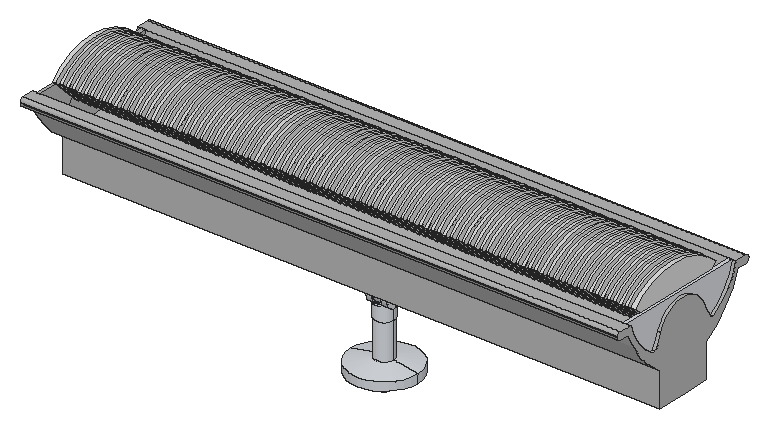
Revit family "AKTQ24T", category Lighting Fixtures, host Face, Revit 2012
Parameters (values of type "AKTQ24T")
  Wattage Comments = "24W"
  Wattage = 24 W
  built-in parameter 1150110 = 1 (stored number, unit not read)
  built-in parameter 1114217 = 1 (stored number, unit not read)
  Tilt Angle = -90.00°
  built-in parameter 1150109 = 1 (stored number, unit not read)
  built-in parameter 1150134 = 3
  built-in parameter 1150113 = 1 (stored number, unit not read)
  Photometric Web File = "generic"
  Pendant Length = 2"
  built-in parameter 1150142 = (empty or 0)
  built-in parameter 1150105 = 283.69 (stored number, unit not read)
  Lumens = 3565.01 lm
  built-in parameter 1150115 = 1 (stored number, unit not read)
  built-in parameter 1150137 = (empty or 0)
  built-in parameter 1150139 = (empty or 0)
  built-in parameter 1150112 = 1 (stored number, unit not read)
  built-in parameter 1150114 = 1 (stored number, unit not read)
  built-in parameter 1150132 = (empty or 0)
  built-in parameter 1150102 = (empty or 0)
  built-in parameter 1150107 = 3200 (stored number, unit not read)
  built-in parameter 1150138 = (empty or 0)
  built-in parameter 1150106 = 2.8369 (stored number, unit not read)
  Finish = Honeycomb embossed Aluminium
  URL = "http://www.prescolite.com"
  Product Page URL = "http://www.prescolite.com/products/architectural_quest/"
  Product Documentation Link = "http://www.prescolite.com/content/products/specs/specs_files/atrk_006.pdf"
  Model = "AKTQ24T"  # constant formula
  Manufacturer Phone = "864-678-1000"  # constant formula
  Manufacturer Fax = "864-678-1065"  # constant formula
  Manufacturer = "Prescolite"  # constant formula
  Lamp = "T-5 HO"
  Family = "Quest 24\" Wall Wash"
  Emit from Line Length = 20"
  built-in parameter 1150104 = 13.8 (stored number, unit not read)
  Dimming Lamp Color Temperature Shift = <None>
  Description = "Two 24W Linear T-5 HO Lamps"  # constant formula
  Default Elevation = 48"
  Color Filter = 16777215
  Blades = Steel Grey powder coated galvanized steel
  built-in parameter 1114218 = 1 (stored number, unit not read)
  built-in parameter 1150133 = 10 (stored number, unit not read)
Reference planes (in)
  plane 1 "Center (Front/Back)": y = 0
  plane 2: z = 0
  plane 3 "Center (Left/Right)": x = 0.0375
  plane 4: z = 0
  plane 5: x = -12.32187
  plane 6: x = 12.39688
  plane 7: z = 8.12857
  plane 8: z = 2
  plane 9: y = 3.375
  plane 10: y = -3.375
Forms (in)
  Revolve 1, solid
    sketch origin (0, 0, 0) x (1, 0, 0) y (0, 0, 1)
      loop
        line (0.0375, 0.53305) -> (-0.34393, 0.53305) -> (-1.34356, 0.33874) -> (-1.34356, 0) -> (-0.29984, 0) -> (-0.29984, -0.14653) -> (-0.22489, -0.14653) -> (-0.22489, -0.64653) -> (0.0375, -0.64653) -> (0.0375, 0.53305)
      axis (0.0375, 0.53305) -> (0.0375, -0.64653)
    angle from 0 to 360
  Extrusion 2, solid
    sketch origin (0, 0, 0) x (1, 0, 0) y (0, 1, 0)
      loop
        circle (0.0375, 0) r 0.38143
    from 0.53305 to 2
Dimensions and locks (in)
  "Pendant Length": plane 4 to plane 8
  locked: plane 9 to plane 1 "Center (Front/Back)" at 3.375
  locked: plane 9 to plane 10 at 6.75
  locked: plane 7 to plane 8 at 6.12857
  plane 5 to plane 3 "Center (Left/Right)" to plane 6 = 12 23/64" locked, 12 23/64" locked
  aligned and locked: plane 2 to host face
  aligned and locked: level to host face
  aligned and locked: plane 3 "Center (Left/Right)" to Revolve 1 sketch curve  (x2)
  aligned and locked: Revolve 1 sketch curve to level
  aligned and locked: Revolve 1 sketch curve to plane 3 "Center (Left/Right)"
  aligned: Extrusion 2 sketch curve to Revolve 1
  aligned and locked: Extrusion 2 sketch curve to Revolve 1
  aligned and locked: Extrusion 2 to Revolve 1
  aligned and locked: plane 8 to Extrusion 2
  aligned and locked: plane 3 "Center (Left/Right)" to nested 1
  aligned and locked: plane 1 "Center (Front/Back)" to nested 1
  aligned and locked: plane 7 to imposter light
  aligned and locked: imposter light to plane 3 "Center (Left/Right)"
  aligned and locked: imposter light to plane 1 "Center (Front/Back)"
Automatic sketch dimensions
  host sketch curve to host sketch curve = 96"  (x2)
  Revolve 1 sketch curve to Revolve 1 sketch curve = 0.26239"
  Revolve 1 sketch curve to Revolve 1 sketch curve = 0.07495"
  Revolve 1 sketch curve to Revolve 1 sketch curve = 0.38143"
  Revolve 1 sketch curve to Revolve 1 sketch curve = 1.04372"
  Revolve 1 sketch curve to level = 0.14653"
  Revolve 1 sketch curve to Revolve 1 sketch curve = 1/2"
  Revolve 1 sketch curve to Revolve 1 sketch curve = 1/4"
  Revolve 1 sketch curve to Revolve 1 sketch curve = 0.60006"
  Revolve 1 sketch curve to Revolve 1 sketch curve = 0.33874"
  level to Revolve 1 sketch curve = 0.53305"
Nested families (in)
  nested 1: "AKTQ24T Light" at (0, 0, 2), type "AKTQ24T"
Definition of nested family "AKTQ24T Light"
  Parameters (values of type "AKTQ24T")
    Wattage Comments = "24W"
    Finish = Honeycomb embossed Aluminium
    URL = "http://www.prescolite.com"
    Product Page URL = "http://www.prescolite.com/products/architectural_quest/"
    Product Documentation Link = "http://www.prescolite.com/content/products/specs/specs_files/atrk_006.pdf"
    Model = "AKTQ24T"  # constant formula
    Manufacturer Phone = "864-678-1000"  # constant formula
    Manufacturer Fax = "864-678-1065"  # constant formula
    Manufacturer = "Prescolite"  # constant formula
    Lamp = "2"
    Family = "Quest 24\" Wall Wash"
    Description = "Two 24W Linear T-5 HO Lamps"  # constant formula
    Default Elevation = 48"
    Blades = Steel Grey powder coated galvanized steel
  Reference planes (in)
    plane 1 "Center (Front/Back)": y = 0
    plane 2: z = 0
    plane 3 "Center (Left/Right)": x = 0.0375
    plane 4: z = 0
    plane 5: z = 5.20093
    plane 6: z = 1.45093
    plane 7: y = 3.375
    plane 8: y = -3.375
    plane 9: x = -11.87187
    plane 10: x = -11.87187
  Forms (in)
    Extrusion 1, solid
      sketch origin (0, 0, 0) x (1, 0, 0) y (0, 1, 0)
        loop
          line (-48, 48) -> (-48, -48) -> (48, -48) -> (48, 48) -> (-48, 48)
      from 0 to -1.25
    Extrusion 2, solid, material "Honeycomb embossed Aluminium" <- "Finish"
      sketch origin (0.0375, 0, -1.76782) x (0, -1, 0) y (0, 0, 1)
        loop
          arc (-3.23437, 6.96875) -> (-3.33381, 6.92756) -> (-3.375, 6.82812) r 0.14063
          line (-3.375, 6.82812) -> (-3.375, 6.79576)
          arc (-3.375, 6.79576) -> (-3.33338, 6.69528) -> (-3.23291, 6.65367) r 0.14209
          line (-3.23291, 6.65367) -> (-2.8552, 6.65367)
          arc (-2.8552, 6.65367) -> (-2.1828, 5.50867) -> (-1.1882, 4.62895) r 4.22464
          line (-1.1882, 4.62895) -> (-1.1882, 3.21875) -> (0, 3.21875) -> (1.1882, 3.21875) -> (1.1882, 4.62895)
          arc (1.1882, 4.62895) -> (2.1828, 5.50867) -> (2.8552, 6.65367) r 4.22464
          line (2.8552, 6.65367) -> (3.23291, 6.65367)
          arc (3.23291, 6.65367) -> (3.33338, 6.69528) -> (3.375, 6.79576) r 0.14209
          line (3.375, 6.79576) -> (3.375, 6.82812)
          arc (3.375, 6.82812) -> (3.33381, 6.92756) -> (3.23437, 6.96875) r 0.14063
          line (3.23437, 6.96875) -> (2.71711, 6.96875)
          arc (2.71711, 6.96875) -> (2.29639, 6.08704) -> (1.56645, 5.43774) r 2.46735
          arc (1.56645, 5.43774) -> (1.49174, 5.4251) -> (1.42725, 5.46489) r 0.1075
          arc (1.42725, 5.46489) -> (1.26638, 5.72572) -> (1.14377, 6.00658) r 2.17442
          arc (1.14377, 6.00658) -> (0.00603, 6.81002) -> (-1.13172, 6.00658) r 1.2073
          arc (-1.13172, 6.00658) -> (-1.258, 5.72401) -> (-1.42725, 5.46489) r 1.95646
          arc (-1.42725, 5.46489) -> (-1.49174, 5.4251) -> (-1.56645, 5.43774) r 0.1075
          arc (-1.56645, 5.43774) -> (-2.29639, 6.08704) -> (-2.71711, 6.96875) r 2.46735
          line (-2.71711, 6.96875) -> (-3.23437, 6.96875)
      from -12.35937 to 12.35937
    Extrusion 3, solid, material "Honeycomb embossed Aluminium" <- "Finish"
      sketch origin (0.0375, 0, 0) x (0, -1, 0) y (0, 0, 1)
        loop
          arc (-1.56645, 3.66992) -> (-1.49174, 3.65729) -> (-1.42725, 3.69707) r 0.1075
          arc (-1.42725, 3.69707) -> (-1.258, 3.95619) -> (-1.13172, 4.23876) r 1.95646
          arc (-1.13172, 4.23876) -> (0.00603, 5.04221) -> (1.14377, 4.23876) r 1.2073
          arc (1.14377, 4.23876) -> (1.26638, 3.9579) -> (1.42725, 3.69707) r 2.17442
          arc (1.42725, 3.69707) -> (1.49174, 3.65729) -> (1.56645, 3.66992) r 0.1075
          arc (1.56645, 3.66992) -> (2.29639, 4.31923) -> (2.71711, 5.20093) r 2.46735
          line (2.71711, 5.20093) -> (-2.71711, 5.20093)
          arc (-2.71711, 5.20093) -> (-2.29639, 4.31923) -> (-1.56645, 3.66992) r 2.46735
      from 12.05937 to 12.20937
    Extrusion 4, solid
      sketch origin (0.0375, 0, -1.76782) x (0, -1, 0) y (0, 0, -1)
        loop
          arc (-1.56645, -5.43774) -> (-2.29639, -6.08704) -> (-2.71711, -6.96875) r 2.46735
          line (-2.71711, -6.96875) -> (2.71711, -6.96875)
          arc (2.71711, -6.96875) -> (2.29639, -6.08704) -> (1.56645, -5.43774) r 2.46735
          arc (1.56645, -5.43774) -> (1.49174, -5.4251) -> (1.42725, -5.46489) r 0.1075
          arc (1.42725, -5.46489) -> (1.26638, -5.72572) -> (1.14377, -6.00658) r 2.17442
          arc (1.14377, -6.00658) -> (0.00603, -6.81002) -> (-1.13172, -6.00658) r 1.2073
          arc (-1.13172, -6.00658) -> (-1.258, -5.72401) -> (-1.42725, -5.46489) r 1.95646
          arc (-1.42725, -5.46489) -> (-1.49174, -5.4251) -> (-1.56645, -5.43774) r 0.1075
      from 12.05937 to 12.20937
    Extrusion 5, void
      sketch origin (0.0375, 0, -1.76782) x (0, -1, 0) y (0, 0, 1)
        loop
          arc (-1.56645, 5.43774) -> (0, 5.01043) -> (1.56645, 5.43774) r 3.08486
          arc (1.56645, 5.43774) -> (1.49174, 5.4251) -> (1.42725, 5.46489) r 0.1075
          arc (1.42725, 5.46489) -> (1.26638, 5.72572) -> (1.14377, 6.00658) r 2.17442
          arc (1.14377, 6.00658) -> (0.00603, 6.81002) -> (-1.13172, 6.00658) r 1.2073
          arc (-1.13172, 6.00658) -> (-1.258, 5.72401) -> (-1.42725, 5.46489) r 1.95646
          arc (-1.42725, 5.46489) -> (-1.49174, 5.4251) -> (-1.56645, 5.43774) r 0.1075
      from -12.05937 to 12.05937
    Extrusion 6, solid, material "Steel Grey powder coated galvanized steel" <- "Blades"
      sketch origin (0.0375, 0, -1.76782) x (0, -1, 0) y (0, 0, 1)
        loop
          line (-2.07709, 7.15026) -> (-0.89557, 5.96875) -> (0.89557, 5.96875) -> (2.07709, 7.15026)
          arc (2.07709, 7.15026) -> (0, 8) -> (-2.07709, 7.15026) r 2.96347
      from -12.05937 to 12.05938
    Extrusion 7, void
      sketch origin (0, 0, 0) x (1, 0, 0) y (0, 1, 0)
        loop
          line (-11.87187, 2.07709) -> (-11.87187, -2.07709) -> (-11.72187, -2.07709) -> (-11.72187, 2.07709) -> (-11.87187, 2.07709)
        loop
          line (-11.62187, 2.07709) -> (-11.62187, -2.07709) -> (-11.47187, -2.07709) -> (-11.47187, 2.07709) -> (-11.62187, 2.07709)
        loop
          line (-11.37187, 2.07709) -> (-11.37187, -2.07709) -> (-11.22187, -2.07709) -> (-11.22187, 2.07709) -> (-11.37187, 2.07709)
        loop
          line (-11.12187, 2.07709) -> (-11.12187, -2.07709) -> (-10.97187, -2.07709) -> (-10.97187, 2.07709) -> (-11.12187, 2.07709)
        loop
          line (-10.87187, 2.07709) -> (-10.87187, -2.07709) -> (-10.72187, -2.07709) -> (-10.72187, 2.07709) -> (-10.87187, 2.07709)
        loop
          line (-10.62187, 2.07709) -> (-10.62187, -2.07709) -> (-10.47187, -2.07709) -> (-10.47187, 2.07709) -> (-10.62187, 2.07709)
        loop
          line (-10.37187, 2.07709) -> (-10.37187, -2.07709) -> (-10.22187, -2.07709) -> (-10.22187, 2.07709) -> (-10.37187, 2.07709)
        loop
          line (-10.12187, 2.07709) -> (-10.12187, -2.07709) -> (-9.97187, -2.07709) -> (-9.97187, 2.07709) -> (-10.12187, 2.07709)
        loop
          line (-9.87187, 2.07709) -> (-9.87187, -2.07709) -> (-9.72187, -2.07709) -> (-9.72187, 2.07709) -> (-9.87187, 2.07709)
        loop
          line (-9.62187, 2.07709) -> (-9.62187, -2.07709) -> (-9.47187, -2.07709) -> (-9.47187, 2.07709) -> (-9.62187, 2.07709)
        loop
          line (-9.37187, 2.07709) -> (-9.37187, -2.07709) -> (-9.22187, -2.07709) -> (-9.22187, 2.07709) -> (-9.37187, 2.07709)
        loop
          line (-9.12187, 2.07709) -> (-9.12187, -2.07709) -> (-8.97187, -2.07709) -> (-8.97187, 2.07709) -> (-9.12187, 2.07709)
        loop
          line (-8.87187, 2.07709) -> (-8.87187, -2.07709) -> (-8.72187, -2.07709) -> (-8.72187, 2.07709) -> (-8.87187, 2.07709)
        loop
          line (-8.62187, 2.07709) -> (-8.62187, -2.07709) -> (-8.47187, -2.07709) -> (-8.47187, 2.07709) -> (-8.62187, 2.07709)
        loop
          line (-8.37187, 2.07709) -> (-8.37187, -2.07709) -> (-8.22187, -2.07709) -> (-8.22187, 2.07709) -> (-8.37187, 2.07709)
        loop
          line (-8.12187, 2.07709) -> (-8.12187, -2.07709) -> (-7.97187, -2.07709) -> (-7.97187, 2.07709) -> (-8.12187, 2.07709)
        loop
          line (-7.84734, 2.07709) -> (-7.84734, -2.07709) -> (-7.69734, -2.07709) -> (-7.69734, 2.07709) -> (-7.84734, 2.07709)
        loop
          line (-7.59734, 2.07709) -> (-7.59734, -2.07709) -> (-7.44734, -2.07709) -> (-7.44734, 2.07709) -> (-7.59734, 2.07709)
        loop
          line (-7.34734, 2.07709) -> (-7.34734, -2.07709) -> (-7.19734, -2.07709) -> (-7.19734, 2.07709) -> (-7.34734, 2.07709)
        loop
          line (-7.09734, 2.07709) -> (-7.09734, -2.07709) -> (-6.94734, -2.07709) -> (-6.94734, 2.07709) -> (-7.09734, 2.07709)
        loop
          line (-6.84734, 2.07709) -> (-6.84734, -2.07709) -> (-6.69734, -2.07709) -> (-6.69734, 2.07709) -> (-6.84734, 2.07709)
        loop
          line (-6.59734, 2.07709) -> (-6.59734, -2.07709) -> (-6.44734, -2.07709) -> (-6.44734, 2.07709) -> (-6.59734, 2.07709)
        loop
          line (-6.34734, 2.07709) -> (-6.34734, -2.07709) -> (-6.19734, -2.07709) -> (-6.19734, 2.07709) -> (-6.34734, 2.07709)
        loop
          line (-6.09734, 2.07709) -> (-6.09734, -2.07709) -> (-5.94734, -2.07709) -> (-5.94734, 2.07709) -> (-6.09734, 2.07709)
        loop
          line (-5.84734, 2.07709) -> (-5.84734, -2.07709) -> (-5.69734, -2.07709) -> (-5.69734, 2.07709) -> (-5.84734, 2.07709)
        loop
          line (-5.59734, 2.07709) -> (-5.59734, -2.07709) -> (-5.44734, -2.07709) -> (-5.44734, 2.07709) -> (-5.59734, 2.07709)
        loop
          line (-5.34734, 2.07709) -> (-5.34734, -2.07709) -> (-5.19734, -2.07709) -> (-5.19734, 2.07709) -> (-5.34734, 2.07709)
        loop
          line (-5.09734, 2.07709) -> (-5.09734, -2.07709) -> (-4.94734, -2.07709) -> (-4.94734, 2.07709) -> (-5.09734, 2.07709)
        loop
          line (-4.84734, 2.07709) -> (-4.84734, -2.07709) -> (-4.69734, -2.07709) -> (-4.69734, 2.07709) -> (-4.84734, 2.07709)
        loop
          line (-4.59734, 2.07709) -> (-4.59734, -2.07709) -> (-4.44734, -2.07709) -> (-4.44734, 2.07709) -> (-4.59734, 2.07709)
        loop
          line (-4.34734, 2.07709) -> (-4.34734, -2.07709) -> (-4.19734, -2.07709) -> (-4.19734, 2.07709) -> (-4.34734, 2.07709)
        loop
          line (-4.09734, 2.07709) -> (-4.09734, -2.07709) -> (-3.94734, -2.07709) -> (-3.94734, 2.07709) -> (-4.09734, 2.07709)
        loop
          line (-3.84556, 2.07709) -> (-3.84556, -2.07709) -> (-3.69556, -2.07709) -> (-3.69556, 2.07709) -> (-3.84556, 2.07709)
        loop
          line (-3.56049, 2.07709) -> (-3.56049, -2.07709) -> (-3.41049, -2.07709) -> (-3.41049, 2.07709) -> (-3.56049, 2.07709)
        loop
          line (-3.29414, 2.07709) -> (-3.29414, -2.07709) -> (-3.14414, -2.07709) -> (-3.14414, 2.07709) -> (-3.29414, 2.07709)
        loop
          line (-3.04414, 2.07709) -> (-3.04414, -2.07709) -> (-2.89414, -2.07709) -> (-2.89414, 2.07709) -> (-3.04414, 2.07709)
        loop
          line (-2.79414, 2.07709) -> (-2.79414, -2.07709) -> (-2.64414, -2.07709) -> (-2.64414, 2.07709) -> (-2.79414, 2.07709)
        loop
          line (-2.54414, 2.07709) -> (-2.54414, -2.07709) -> (-2.39414, -2.07709) -> (-2.39414, 2.07709) -> (-2.54414, 2.07709)
        loop
          line (-2.29414, 2.07709) -> (-2.29414, -2.07709) -> (-2.14414, -2.07709) -> (-2.14414, 2.07709) -> (-2.29414, 2.07709)
        loop
          line (-2.04414, 2.07709) -> (-2.04414, -2.07709) -> (-1.89414, -2.07709) -> (-1.89414, 2.07709) -> (-2.04414, 2.07709)
        loop
          line (-1.79414, 2.07709) -> (-1.79414, -2.07709) -> (-1.64414, -2.07709) -> (-1.64414, 2.07709) -> (-1.79414, 2.07709)
        loop
          line (-1.54414, 2.07709) -> (-1.54414, -2.07709) -> (-1.39414, -2.07709) -> (-1.39414, 2.07709) -> (-1.54414, 2.07709)
        loop
          line (-1.29414, 2.07709) -> (-1.29414, -2.07709) -> (-1.14414, -2.07709) -> (-1.14414, 2.07709) -> (-1.29414, 2.07709)
        loop
          line (-1.04414, 2.07709) -> (-1.04414, -2.07709) -> (-0.89414, -2.07709) -> (-0.89414, 2.07709) -> (-1.04414, 2.07709)
        loop
          line (-0.79414, 2.07709) -> (-0.79414, -2.07709) -> (-0.64414, -2.07709) -> (-0.64414, 2.07709) -> (-0.79414, 2.07709)
        loop
          line (-0.54414, 2.07709) -> (-0.54414, -2.07709) -> (-0.39414, -2.07709) -> (-0.39414, 2.07709) -> (-0.54414, 2.07709)
        loop
          line (-0.29414, 2.07709) -> (-0.29414, -2.07709) -> (-0.14414, -2.07709) -> (-0.14414, 2.07709) -> (-0.29414, 2.07709)
        loop
          line (-0.04414, 2.07709) -> (-0.04414, -2.07709) -> (0.10586, -2.07709) -> (0.10586, 2.07709) -> (-0.04414, 2.07709)
        loop
          line (0.2304, 2.07709) -> (0.2304, -2.07709) -> (0.3804, -2.07709) -> (0.3804, 2.07709) -> (0.2304, 2.07709)
        loop
          line (0.4804, 2.07709) -> (0.4804, -2.07709) -> (0.6304, -2.07709) -> (0.6304, 2.07709) -> (0.4804, 2.07709)
        loop
          line (0.7304, 2.07709) -> (0.7304, -2.07709) -> (0.8804, -2.07709) -> (0.8804, 2.07709) -> (0.7304, 2.07709)
        loop
          line (0.9804, 2.07709) -> (0.9804, -2.07709) -> (1.1304, -2.07709) -> (1.1304, 2.07709) -> (0.9804, 2.07709)
        loop
          line (1.2304, 2.07709) -> (1.2304, -2.07709) -> (1.3804, -2.07709) -> (1.3804, 2.07709) -> (1.2304, 2.07709)
        loop
          line (1.4804, 2.07709) -> (1.4804, -2.07709) -> (1.6304, -2.07709) -> (1.6304, 2.07709) -> (1.4804, 2.07709)
        loop
          line (1.7304, 2.07709) -> (1.7304, -2.07709) -> (1.8804, -2.07709) -> (1.8804, 2.07709) -> (1.7304, 2.07709)
        loop
          line (1.9804, 2.07709) -> (1.9804, -2.07709) -> (2.1304, -2.07709) -> (2.1304, 2.07709) -> (1.9804, 2.07709)
        loop
          line (2.2304, 2.07709) -> (2.2304, -2.07709) -> (2.3804, -2.07709) -> (2.3804, 2.07709) -> (2.2304, 2.07709)
        loop
          line (2.4804, 2.07709) -> (2.4804, -2.07709) -> (2.6304, -2.07709) -> (2.6304, 2.07709) -> (2.4804, 2.07709)
        loop
          line (2.7304, 2.07709) -> (2.7304, -2.07709) -> (2.8804, -2.07709) -> (2.8804, 2.07709) -> (2.7304, 2.07709)
        loop
          line (2.9804, 2.07709) -> (2.9804, -2.07709) -> (3.1304, -2.07709) -> (3.1304, 2.07709) -> (2.9804, 2.07709)
        loop
          line (3.2304, 2.07709) -> (3.2304, -2.07709) -> (3.3804, -2.07709) -> (3.3804, 2.07709) -> (3.2304, 2.07709)
        loop
          line (3.4804, 2.07709) -> (3.4804, -2.07709) -> (3.6304, -2.07709) -> (3.6304, 2.07709) -> (3.4804, 2.07709)
        loop
          line (3.7304, 2.07709) -> (3.7304, -2.07709) -> (3.8804, -2.07709) -> (3.8804, 2.07709) -> (3.7304, 2.07709)
        loop
          line (3.9804, 2.07709) -> (3.9804, -2.07709) -> (4.1304, -2.07709) -> (4.1304, 2.07709) -> (3.9804, 2.07709)
        loop
          line (4.24142, 2.07709) -> (4.24142, -2.07709) -> (4.39142, -2.07709) -> (4.39142, 2.07709) -> (4.24142, 2.07709)
        loop
          line (4.49142, 2.07709) -> (4.49142, -2.07709) -> (4.64142, -2.07709) -> (4.64142, 2.07709) -> (4.49142, 2.07709)
        loop
          line (4.74142, 2.07709) -> (4.74142, -2.07709) -> (4.89142, -2.07709) -> (4.89142, 2.07709) -> (4.74142, 2.07709)
        loop
          line (4.99142, 2.07709) -> (4.99142, -2.07709) -> (5.14142, -2.07709) -> (5.14142, 2.07709) -> (4.99142, 2.07709)
        loop
          line (5.24142, 2.07709) -> (5.24142, -2.07709) -> (5.39142, -2.07709) -> (5.39142, 2.07709) -> (5.24142, 2.07709)
        loop
          line (5.49142, 2.07709) -> (5.49142, -2.07709) -> (5.64142, -2.07709) -> (5.64142, 2.07709) -> (5.49142, 2.07709)
        loop
          line (5.74142, 2.07709) -> (5.74142, -2.07709) -> (5.89142, -2.07709) -> (5.89142, 2.07709) -> (5.74142, 2.07709)
        loop
          line (5.99142, 2.07709) -> (5.99142, -2.07709) -> (6.14142, -2.07709) -> (6.14142, 2.07709) -> (5.99142, 2.07709)
        loop
          line (6.24142, 2.07709) -> (6.24142, -2.07709) -> (6.39142, -2.07709) -> (6.39142, 2.07709) -> (6.24142, 2.07709)
        loop
          line (6.49142, 2.07709) -> (6.49142, -2.07709) -> (6.64142, -2.07709) -> (6.64142, 2.07709) -> (6.49142, 2.07709)
        loop
          line (6.74142, 2.07709) -> (6.74142, -2.07709) -> (6.89142, -2.07709) -> (6.89142, 2.07709) -> (6.74142, 2.07709)
        loop
          line (6.99142, 2.07709) -> (6.99142, -2.07709) -> (7.14142, -2.07709) -> (7.14142, 2.07709) -> (6.99142, 2.07709)
        loop
          line (7.24142, 2.07709) -> (7.24142, -2.07709) -> (7.39142, -2.07709) -> (7.39142, 2.07709) -> (7.24142, 2.07709)
        loop
          line (7.49142, 2.07709) -> (7.49142, -2.07709) -> (7.64142, -2.07709) -> (7.64142, 2.07709) -> (7.49142, 2.07709)
        loop
          line (7.74142, 2.07709) -> (7.74142, -2.07709) -> (7.89142, -2.07709) -> (7.89142, 2.07709) -> (7.74142, 2.07709)
        loop
          line (7.99142, 2.07709) -> (7.99142, -2.07709) -> (8.14142, -2.07709) -> (8.14142, 2.07709) -> (7.99142, 2.07709)
        loop
          line (8.26596, 2.07709) -> (8.26596, -2.07709) -> (8.41596, -2.07709) -> (8.41596, 2.07709) -> (8.26596, 2.07709)
        loop
          line (8.51596, 2.07709) -> (8.51596, -2.07709) -> (8.66596, -2.07709) -> (8.66596, 2.07709) -> (8.51596, 2.07709)
        loop
          line (8.76596, 2.07709) -> (8.76596, -2.07709) -> (8.91596, -2.07709) -> (8.91596, 2.07709) -> (8.76596, 2.07709)
        loop
          line (9.01596, 2.07709) -> (9.01596, -2.07709) -> (9.16596, -2.07709) -> (9.16596, 2.07709) -> (9.01596, 2.07709)
        loop
          line (9.26596, 2.07709) -> (9.26596, -2.07709) -> (9.41596, -2.07709) -> (9.41596, 2.07709) -> (9.26596, 2.07709)
        loop
          line (9.51596, 2.07709) -> (9.51596, -2.07709) -> (9.66596, -2.07709) -> (9.66596, 2.07709) -> (9.51596, 2.07709)
        loop
          line (9.76596, 2.07709) -> (9.76596, -2.07709) -> (9.91596, -2.07709) -> (9.91596, 2.07709) -> (9.76596, 2.07709)
        loop
          line (10.01596, 2.07709) -> (10.01596, -2.07709) -> (10.16596, -2.07709) -> (10.16596, 2.07709) -> (10.01596, 2.07709)
        loop
          line (10.26596, 2.07709) -> (10.26596, -2.07709) -> (10.41596, -2.07709) -> (10.41596, 2.07709) -> (10.26596, 2.07709)
        loop
          line (10.51596, 2.07709) -> (10.51596, -2.07709) -> (10.66596, -2.07709) -> (10.66596, 2.07709) -> (10.51596, 2.07709)
        loop
          line (10.76596, 2.07709) -> (10.76596, -2.07709) -> (10.91596, -2.07709) -> (10.91596, 2.07709) -> (10.76596, 2.07709)
        loop
          line (11.01596, 2.07709) -> (11.01596, -2.07709) -> (11.16596, -2.07709) -> (11.16596, 2.07709) -> (11.01596, 2.07709)
        loop
          line (11.26596, 2.07709) -> (11.26596, -2.07709) -> (11.41596, -2.07709) -> (11.41596, 2.07709) -> (11.26596, 2.07709)
        loop
          line (11.51596, 2.07709) -> (11.51596, -2.07709) -> (11.66596, -2.07709) -> (11.66596, 2.07709) -> (11.51596, 2.07709)
        loop
          line (11.76596, 2.07709) -> (11.76596, -2.07709) -> (11.91596, -2.07709) -> (11.91596, 2.07709) -> (11.76596, 2.07709)
      from 4.20093 to 6.24562
    Revolve 8, solid
      sketch origin (0, 0, -1.76782) x (1, 0, 0) y (0, 0, 1)
        loop
          line (0.0375, 2.71875) -> (-0.36193, 2.71875) -> (-0.36193, 1.76782) -> (0.0375, 1.76782) -> (0.0375, 2.71875)
        axis (0.0375, 2.71875) -> (0.0375, 1.76782)
      angle from 0 to 360
    Extrusion 9, solid
      sketch origin (0.0375, 0, -1.76782) x (0, -1, 0) y (0, 0, 1)
        loop
          circle (0, 2.66501) r 0.42109
      from -0.4429 to 0.43164
    Extrusion 10, solid
      sketch origin (0.0375, 0, -1.76782) x (0, -1, 0) y (0, 0, 1)
        loop
          arc (-0.39943, 2.71875) -> (0, 2.31932) -> (0.39943, 2.71875) r 0.39943
          line (0.39943, 2.71875) -> (0.39943, 3.21875) -> (-0.39943, 3.21875) -> (-0.39943, 2.71875)
      from -0.1929 to 0.18164
    Extrusion 11, void
      sketch origin (0, 0, -1.76782) x (1, 0, 0) y (0, 0, 1)
        loop
          line (-0.14414, 3.08658) -> (-0.14414, 2.31932) -> (0.2304, 2.31932) -> (0.2304, 3.08658) -> (-0.14414, 3.08658)
      from -0.43057 to 0.4296
    Extrusion 12, solid, material "Honeycomb embossed Aluminium" <- "Finish", not visible
      sketch origin (0.0375, 0, -1.76782) x (0, -1, 0) y (0, 0, 1)
        loop
          arc (-3.23437, 6.96875) -> (-3.33381, 6.92756) -> (-3.375, 6.82812) r 0.14063
          line (-3.375, 6.82812) -> (-3.375, 6.79576)
          arc (-3.375, 6.79576) -> (-3.33338, 6.69528) -> (-3.23291, 6.65367) r 0.14209
          line (-3.23291, 6.65367) -> (-2.8552, 6.65367)
          arc (-2.8552, 6.65367) -> (-2.1828, 5.50867) -> (-1.1882, 4.62895) r 4.22464
          line (-1.1882, 4.62895) -> (-1.1882, 3.21875) -> (0, 3.21875) -> (1.1882, 3.21875) -> (1.1882, 4.62895)
          arc (1.1882, 4.62895) -> (2.1828, 5.50867) -> (2.8552, 6.65367) r 4.22464
          line (2.8552, 6.65367) -> (3.23291, 6.65367)
          arc (3.23291, 6.65367) -> (3.33338, 6.69528) -> (3.375, 6.79576) r 0.14209
          line (3.375, 6.79576) -> (3.375, 6.82812)
          arc (3.375, 6.82812) -> (3.33381, 6.92756) -> (3.23437, 6.96875) r 0.14063
          line (3.23437, 6.96875) -> (2.71711, 6.96875)
          arc (2.71711, 6.96875) -> (2.29639, 6.08704) -> (1.56645, 5.43774) r 2.46735
          arc (1.56645, 5.43774) -> (1.49174, 5.4251) -> (1.42725, 5.46489) r 0.1075
          arc (1.42725, 5.46489) -> (1.26638, 5.72572) -> (1.14377, 6.00658) r 2.17442
          arc (1.14377, 6.00658) -> (0.00603, 6.81002) -> (-1.13172, 6.00658) r 1.2073
          arc (-1.13172, 6.00658) -> (-1.258, 5.72401) -> (-1.42725, 5.46489) r 1.95646
          arc (-1.42725, 5.46489) -> (-1.49174, 5.4251) -> (-1.56645, 5.43774) r 0.1075
          arc (-1.56645, 5.43774) -> (-2.29639, 6.08704) -> (-2.71711, 6.96875) r 2.46735
          line (-2.71711, 6.96875) -> (-3.23437, 6.96875)
      from -12.35937 to 12.35937
    Extrusion 13, solid, material "Honeycomb embossed Aluminium" <- "Finish", not visible
      sketch origin (0.0375, 0, 0) x (0, -1, 0) y (0, 0, 1)
        loop
          arc (-1.56645, 3.66992) -> (-1.49174, 3.65729) -> (-1.42725, 3.69707) r 0.1075
          arc (-1.42725, 3.69707) -> (-1.258, 3.95619) -> (-1.13172, 4.23876) r 1.95646
          arc (-1.13172, 4.23876) -> (0.00603, 5.04221) -> (1.14377, 4.23876) r 1.2073
          arc (1.14377, 4.23876) -> (1.26638, 3.9579) -> (1.42725, 3.69707) r 2.17442
          arc (1.42725, 3.69707) -> (1.49174, 3.65729) -> (1.56645, 3.66992) r 0.1075
          arc (1.56645, 3.66992) -> (2.29639, 4.31923) -> (2.71711, 5.20093) r 2.46735
          line (2.71711, 5.20093) -> (-2.71711, 5.20093)
          arc (-2.71711, 5.20093) -> (-2.29639, 4.31923) -> (-1.56645, 3.66992) r 2.46735
      from 12.05937 to 12.20937
    Extrusion 14, solid, not visible
      sketch origin (0.0375, 0, -1.76782) x (0, -1, 0) y (0, 0, -1)
        loop
          arc (-1.56645, -5.43774) -> (-2.29639, -6.08704) -> (-2.71711, -6.96875) r 2.46735
          line (-2.71711, -6.96875) -> (2.71711, -6.96875)
          arc (2.71711, -6.96875) -> (2.29639, -6.08704) -> (1.56645, -5.43774) r 2.46735
          arc (1.56645, -5.43774) -> (1.49174, -5.4251) -> (1.42725, -5.46489) r 0.1075
          arc (1.42725, -5.46489) -> (1.26638, -5.72572) -> (1.14377, -6.00658) r 2.17442
          arc (1.14377, -6.00658) -> (0.00603, -6.81002) -> (-1.13172, -6.00658) r 1.2073
          arc (-1.13172, -6.00658) -> (-1.258, -5.72401) -> (-1.42725, -5.46489) r 1.95646
          arc (-1.42725, -5.46489) -> (-1.49174, -5.4251) -> (-1.56645, -5.43774) r 0.1075
      from 12.05937 to 12.20937
    Extrusion 15, void, not visible
      sketch origin (0.0375, 0, -1.76782) x (0, -1, 0) y (0, 0, 1)
        loop
          arc (-1.56645, 5.43774) -> (0, 5.01043) -> (1.56645, 5.43774) r 3.08486
          arc (1.56645, 5.43774) -> (1.49174, 5.4251) -> (1.42725, 5.46489) r 0.1075
          arc (1.42725, 5.46489) -> (1.26638, 5.72572) -> (1.14377, 6.00658) r 2.17442
          arc (1.14377, 6.00658) -> (0.00603, 6.81002) -> (-1.13172, 6.00658) r 1.2073
          arc (-1.13172, 6.00658) -> (-1.258, 5.72401) -> (-1.42725, 5.46489) r 1.95646
          arc (-1.42725, 5.46489) -> (-1.49174, 5.4251) -> (-1.56645, 5.43774) r 0.1075
      from -12.05937 to 12.05937
    Extrusion 16, solid, material "Steel Grey powder coated galvanized steel" <- "Blades", not visible
      sketch origin (0.0375, 0, -1.76782) x (0, -1, 0) y (0, 0, 1)
        loop
          line (-2.07709, 7.15026) -> (-0.89557, 5.96875) -> (0.89557, 5.96875) -> (2.07709, 7.15026)
          arc (2.07709, 7.15026) -> (0, 8) -> (-2.07709, 7.15026) r 2.96347
      from -12.05937 to 12.05938
    Extrusion 17, void, not visible
      sketch origin (0, 0, 0) x (1, 0, 0) y (0, 1, 0)
        loop
          line (-11.87187, 2.07709) -> (-11.87187, -2.07709) -> (-11.72187, -2.07709) -> (-11.72187, 2.07709) -> (-11.87187, 2.07709)
        loop
          line (-11.62187, 2.07709) -> (-11.62187, -2.07709) -> (-11.47187, -2.07709) -> (-11.47187, 2.07709) -> (-11.62187, 2.07709)
        loop
          line (-11.37187, 2.07709) -> (-11.37187, -2.07709) -> (-11.22187, -2.07709) -> (-11.22187, 2.07709) -> (-11.37187, 2.07709)
        loop
          line (-11.12187, 2.07709) -> (-11.12187, -2.07709) -> (-10.97187, -2.07709) -> (-10.97187, 2.07709) -> (-11.12187, 2.07709)
        loop
          line (-10.87187, 2.07709) -> (-10.87187, -2.07709) -> (-10.72187, -2.07709) -> (-10.72187, 2.07709) -> (-10.87187, 2.07709)
        loop
          line (-10.62187, 2.07709) -> (-10.62187, -2.07709) -> (-10.47187, -2.07709) -> (-10.47187, 2.07709) -> (-10.62187, 2.07709)
        loop
          line (-10.37187, 2.07709) -> (-10.37187, -2.07709) -> (-10.22187, -2.07709) -> (-10.22187, 2.07709) -> (-10.37187, 2.07709)
        loop
          line (-10.12187, 2.07709) -> (-10.12187, -2.07709) -> (-9.97187, -2.07709) -> (-9.97187, 2.07709) -> (-10.12187, 2.07709)
        loop
          line (-9.87187, 2.07709) -> (-9.87187, -2.07709) -> (-9.72187, -2.07709) -> (-9.72187, 2.07709) -> (-9.87187, 2.07709)
        loop
          line (-9.62187, 2.07709) -> (-9.62187, -2.07709) -> (-9.47187, -2.07709) -> (-9.47187, 2.07709) -> (-9.62187, 2.07709)
        loop
          line (-9.37187, 2.07709) -> (-9.37187, -2.07709) -> (-9.22187, -2.07709) -> (-9.22187, 2.07709) -> (-9.37187, 2.07709)
        loop
          line (-9.12187, 2.07709) -> (-9.12187, -2.07709) -> (-8.97187, -2.07709) -> (-8.97187, 2.07709) -> (-9.12187, 2.07709)
        loop
          line (-8.87187, 2.07709) -> (-8.87187, -2.07709) -> (-8.72187, -2.07709) -> (-8.72187, 2.07709) -> (-8.87187, 2.07709)
        loop
          line (-8.62187, 2.07709) -> (-8.62187, -2.07709) -> (-8.47187, -2.07709) -> (-8.47187, 2.07709) -> (-8.62187, 2.07709)
        loop
          line (-8.37187, 2.07709) -> (-8.37187, -2.07709) -> (-8.22187, -2.07709) -> (-8.22187, 2.07709) -> (-8.37187, 2.07709)
        loop
          line (-8.12187, 2.07709) -> (-8.12187, -2.07709) -> (-7.97187, -2.07709) -> (-7.97187, 2.07709) -> (-8.12187, 2.07709)
        loop
          line (-7.84734, 2.07709) -> (-7.84734, -2.07709) -> (-7.69734, -2.07709) -> (-7.69734, 2.07709) -> (-7.84734, 2.07709)
        loop
          line (-7.59734, 2.07709) -> (-7.59734, -2.07709) -> (-7.44734, -2.07709) -> (-7.44734, 2.07709) -> (-7.59734, 2.07709)
        loop
          line (-7.34734, 2.07709) -> (-7.34734, -2.07709) -> (-7.19734, -2.07709) -> (-7.19734, 2.07709) -> (-7.34734, 2.07709)
        loop
          line (-7.09734, 2.07709) -> (-7.09734, -2.07709) -> (-6.94734, -2.07709) -> (-6.94734, 2.07709) -> (-7.09734, 2.07709)
        loop
          line (-6.84734, 2.07709) -> (-6.84734, -2.07709) -> (-6.69734, -2.07709) -> (-6.69734, 2.07709) -> (-6.84734, 2.07709)
        loop
          line (-6.59734, 2.07709) -> (-6.59734, -2.07709) -> (-6.44734, -2.07709) -> (-6.44734, 2.07709) -> (-6.59734, 2.07709)
        loop
          line (-6.34734, 2.07709) -> (-6.34734, -2.07709) -> (-6.19734, -2.07709) -> (-6.19734, 2.07709) -> (-6.34734, 2.07709)
        loop
          line (-6.09734, 2.07709) -> (-6.09734, -2.07709) -> (-5.94734, -2.07709) -> (-5.94734, 2.07709) -> (-6.09734, 2.07709)
        loop
          line (-5.84734, 2.07709) -> (-5.84734, -2.07709) -> (-5.69734, -2.07709) -> (-5.69734, 2.07709) -> (-5.84734, 2.07709)
        loop
          line (-5.59734, 2.07709) -> (-5.59734, -2.07709) -> (-5.44734, -2.07709) -> (-5.44734, 2.07709) -> (-5.59734, 2.07709)
        loop
          line (-5.34734, 2.07709) -> (-5.34734, -2.07709) -> (-5.19734, -2.07709) -> (-5.19734, 2.07709) -> (-5.34734, 2.07709)
        loop
          line (-5.09734, 2.07709) -> (-5.09734, -2.07709) -> (-4.94734, -2.07709) -> (-4.94734, 2.07709) -> (-5.09734, 2.07709)
        loop
          line (-4.84734, 2.07709) -> (-4.84734, -2.07709) -> (-4.69734, -2.07709) -> (-4.69734, 2.07709) -> (-4.84734, 2.07709)
        loop
          line (-4.59734, 2.07709) -> (-4.59734, -2.07709) -> (-4.44734, -2.07709) -> (-4.44734, 2.07709) -> (-4.59734, 2.07709)
        loop
          line (-4.34734, 2.07709) -> (-4.34734, -2.07709) -> (-4.19734, -2.07709) -> (-4.19734, 2.07709) -> (-4.34734, 2.07709)
        loop
          line (-4.09734, 2.07709) -> (-4.09734, -2.07709) -> (-3.94734, -2.07709) -> (-3.94734, 2.07709) -> (-4.09734, 2.07709)
        loop
          line (-3.84556, 2.07709) -> (-3.84556, -2.07709) -> (-3.69556, -2.07709) -> (-3.69556, 2.07709) -> (-3.84556, 2.07709)
        loop
          line (-3.56049, 2.07709) -> (-3.56049, -2.07709) -> (-3.41049, -2.07709) -> (-3.41049, 2.07709) -> (-3.56049, 2.07709)
        loop
          line (-3.29414, 2.07709) -> (-3.29414, -2.07709) -> (-3.14414, -2.07709) -> (-3.14414, 2.07709) -> (-3.29414, 2.07709)
        loop
          line (-3.04414, 2.07709) -> (-3.04414, -2.07709) -> (-2.89414, -2.07709) -> (-2.89414, 2.07709) -> (-3.04414, 2.07709)
        loop
          line (-2.79414, 2.07709) -> (-2.79414, -2.07709) -> (-2.64414, -2.07709) -> (-2.64414, 2.07709) -> (-2.79414, 2.07709)
        loop
          line (-2.54414, 2.07709) -> (-2.54414, -2.07709) -> (-2.39414, -2.07709) -> (-2.39414, 2.07709) -> (-2.54414, 2.07709)
        loop
          line (-2.29414, 2.07709) -> (-2.29414, -2.07709) -> (-2.14414, -2.07709) -> (-2.14414, 2.07709) -> (-2.29414, 2.07709)
        loop
          line (-2.04414, 2.07709) -> (-2.04414, -2.07709) -> (-1.89414, -2.07709) -> (-1.89414, 2.07709) -> (-2.04414, 2.07709)
        loop
          line (-1.79414, 2.07709) -> (-1.79414, -2.07709) -> (-1.64414, -2.07709) -> (-1.64414, 2.07709) -> (-1.79414, 2.07709)
        loop
          line (-1.54414, 2.07709) -> (-1.54414, -2.07709) -> (-1.39414, -2.07709) -> (-1.39414, 2.07709) -> (-1.54414, 2.07709)
        loop
          line (-1.29414, 2.07709) -> (-1.29414, -2.07709) -> (-1.14414, -2.07709) -> (-1.14414, 2.07709) -> (-1.29414, 2.07709)
        loop
          line (-1.04414, 2.07709) -> (-1.04414, -2.07709) -> (-0.89414, -2.07709) -> (-0.89414, 2.07709) -> (-1.04414, 2.07709)
        loop
          line (-0.79414, 2.07709) -> (-0.79414, -2.07709) -> (-0.64414, -2.07709) -> (-0.64414, 2.07709) -> (-0.79414, 2.07709)
        loop
          line (-0.54414, 2.07709) -> (-0.54414, -2.07709) -> (-0.39414, -2.07709) -> (-0.39414, 2.07709) -> (-0.54414, 2.07709)
        loop
          line (-0.29414, 2.07709) -> (-0.29414, -2.07709) -> (-0.14414, -2.07709) -> (-0.14414, 2.07709) -> (-0.29414, 2.07709)
        loop
          line (-0.04414, 2.07709) -> (-0.04414, -2.07709) -> (0.10586, -2.07709) -> (0.10586, 2.07709) -> (-0.04414, 2.07709)
        loop
          line (0.2304, 2.07709) -> (0.2304, -2.07709) -> (0.3804, -2.07709) -> (0.3804, 2.07709) -> (0.2304, 2.07709)
        loop
          line (0.4804, 2.07709) -> (0.4804, -2.07709) -> (0.6304, -2.07709) -> (0.6304, 2.07709) -> (0.4804, 2.07709)
        loop
          line (0.7304, 2.07709) -> (0.7304, -2.07709) -> (0.8804, -2.07709) -> (0.8804, 2.07709) -> (0.7304, 2.07709)
        loop
          line (0.9804, 2.07709) -> (0.9804, -2.07709) -> (1.1304, -2.07709) -> (1.1304, 2.07709) -> (0.9804, 2.07709)
        loop
          line (1.2304, 2.07709) -> (1.2304, -2.07709) -> (1.3804, -2.07709) -> (1.3804, 2.07709) -> (1.2304, 2.07709)
        loop
          line (1.4804, 2.07709) -> (1.4804, -2.07709) -> (1.6304, -2.07709) -> (1.6304, 2.07709) -> (1.4804, 2.07709)
        loop
          line (1.7304, 2.07709) -> (1.7304, -2.07709) -> (1.8804, -2.07709) -> (1.8804, 2.07709) -> (1.7304, 2.07709)
        loop
          line (1.9804, 2.07709) -> (1.9804, -2.07709) -> (2.1304, -2.07709) -> (2.1304, 2.07709) -> (1.9804, 2.07709)
        loop
          line (2.2304, 2.07709) -> (2.2304, -2.07709) -> (2.3804, -2.07709) -> (2.3804, 2.07709) -> (2.2304, 2.07709)
        loop
          line (2.4804, 2.07709) -> (2.4804, -2.07709) -> (2.6304, -2.07709) -> (2.6304, 2.07709) -> (2.4804, 2.07709)
        loop
          line (2.7304, 2.07709) -> (2.7304, -2.07709) -> (2.8804, -2.07709) -> (2.8804, 2.07709) -> (2.7304, 2.07709)
        loop
          line (2.9804, 2.07709) -> (2.9804, -2.07709) -> (3.1304, -2.07709) -> (3.1304, 2.07709) -> (2.9804, 2.07709)
        loop
          line (3.2304, 2.07709) -> (3.2304, -2.07709) -> (3.3804, -2.07709) -> (3.3804, 2.07709) -> (3.2304, 2.07709)
        loop
          line (3.4804, 2.07709) -> (3.4804, -2.07709) -> (3.6304, -2.07709) -> (3.6304, 2.07709) -> (3.4804, 2.07709)
        loop
          line (3.7304, 2.07709) -> (3.7304, -2.07709) -> (3.8804, -2.07709) -> (3.8804, 2.07709) -> (3.7304, 2.07709)
        loop
          line (3.9804, 2.07709) -> (3.9804, -2.07709) -> (4.1304, -2.07709) -> (4.1304, 2.07709) -> (3.9804, 2.07709)
        loop
          line (4.24142, 2.07709) -> (4.24142, -2.07709) -> (4.39142, -2.07709) -> (4.39142, 2.07709) -> (4.24142, 2.07709)
        loop
          line (4.49142, 2.07709) -> (4.49142, -2.07709) -> (4.64142, -2.07709) -> (4.64142, 2.07709) -> (4.49142, 2.07709)
        loop
          line (4.74142, 2.07709) -> (4.74142, -2.07709) -> (4.89142, -2.07709) -> (4.89142, 2.07709) -> (4.74142, 2.07709)
        loop
          line (4.99142, 2.07709) -> (4.99142, -2.07709) -> (5.14142, -2.07709) -> (5.14142, 2.07709) -> (4.99142, 2.07709)
        loop
          line (5.24142, 2.07709) -> (5.24142, -2.07709) -> (5.39142, -2.07709) -> (5.39142, 2.07709) -> (5.24142, 2.07709)
        loop
          line (5.49142, 2.07709) -> (5.49142, -2.07709) -> (5.64142, -2.07709) -> (5.64142, 2.07709) -> (5.49142, 2.07709)
        loop
          line (5.74142, 2.07709) -> (5.74142, -2.07709) -> (5.89142, -2.07709) -> (5.89142, 2.07709) -> (5.74142, 2.07709)
        loop
          line (5.99142, 2.07709) -> (5.99142, -2.07709) -> (6.14142, -2.07709) -> (6.14142, 2.07709) -> (5.99142, 2.07709)
        loop
          line (6.24142, 2.07709) -> (6.24142, -2.07709) -> (6.39142, -2.07709) -> (6.39142, 2.07709) -> (6.24142, 2.07709)
        loop
          line (6.49142, 2.07709) -> (6.49142, -2.07709) -> (6.64142, -2.07709) -> (6.64142, 2.07709) -> (6.49142, 2.07709)
        loop
          line (6.74142, 2.07709) -> (6.74142, -2.07709) -> (6.89142, -2.07709) -> (6.89142, 2.07709) -> (6.74142, 2.07709)
        loop
          line (6.99142, 2.07709) -> (6.99142, -2.07709) -> (7.14142, -2.07709) -> (7.14142, 2.07709) -> (6.99142, 2.07709)
        loop
          line (7.24142, 2.07709) -> (7.24142, -2.07709) -> (7.39142, -2.07709) -> (7.39142, 2.07709) -> (7.24142, 2.07709)
        loop
          line (7.49142, 2.07709) -> (7.49142, -2.07709) -> (7.64142, -2.07709) -> (7.64142, 2.07709) -> (7.49142, 2.07709)
        loop
          line (7.74142, 2.07709) -> (7.74142, -2.07709) -> (7.89142, -2.07709) -> (7.89142, 2.07709) -> (7.74142, 2.07709)
        loop
          line (7.99142, 2.07709) -> (7.99142, -2.07709) -> (8.14142, -2.07709) -> (8.14142, 2.07709) -> (7.99142, 2.07709)
        loop
          line (8.26596, 2.07709) -> (8.26596, -2.07709) -> (8.41596, -2.07709) -> (8.41596, 2.07709) -> (8.26596, 2.07709)
        loop
          line (8.51596, 2.07709) -> (8.51596, -2.07709) -> (8.66596, -2.07709) -> (8.66596, 2.07709) -> (8.51596, 2.07709)
        loop
          line (8.76596, 2.07709) -> (8.76596, -2.07709) -> (8.91596, -2.07709) -> (8.91596, 2.07709) -> (8.76596, 2.07709)
        loop
          line (9.01596, 2.07709) -> (9.01596, -2.07709) -> (9.16596, -2.07709) -> (9.16596, 2.07709) -> (9.01596, 2.07709)
        loop
          line (9.26596, 2.07709) -> (9.26596, -2.07709) -> (9.41596, -2.07709) -> (9.41596, 2.07709) -> (9.26596, 2.07709)
        loop
          line (9.51596, 2.07709) -> (9.51596, -2.07709) -> (9.66596, -2.07709) -> (9.66596, 2.07709) -> (9.51596, 2.07709)
        loop
          line (9.76596, 2.07709) -> (9.76596, -2.07709) -> (9.91596, -2.07709) -> (9.91596, 2.07709) -> (9.76596, 2.07709)
        loop
          line (10.01596, 2.07709) -> (10.01596, -2.07709) -> (10.16596, -2.07709) -> (10.16596, 2.07709) -> (10.01596, 2.07709)
        loop
          line (10.26596, 2.07709) -> (10.26596, -2.07709) -> (10.41596, -2.07709) -> (10.41596, 2.07709) -> (10.26596, 2.07709)
        loop
          line (10.51596, 2.07709) -> (10.51596, -2.07709) -> (10.66596, -2.07709) -> (10.66596, 2.07709) -> (10.51596, 2.07709)
        loop
          line (10.76596, 2.07709) -> (10.76596, -2.07709) -> (10.91596, -2.07709) -> (10.91596, 2.07709) -> (10.76596, 2.07709)
        loop
          line (11.01596, 2.07709) -> (11.01596, -2.07709) -> (11.16596, -2.07709) -> (11.16596, 2.07709) -> (11.01596, 2.07709)
        loop
          line (11.26596, 2.07709) -> (11.26596, -2.07709) -> (11.41596, -2.07709) -> (11.41596, 2.07709) -> (11.26596, 2.07709)
        loop
          line (11.51596, 2.07709) -> (11.51596, -2.07709) -> (11.66596, -2.07709) -> (11.66596, 2.07709) -> (11.51596, 2.07709)
        loop
          line (11.76596, 2.07709) -> (11.76596, -2.07709) -> (11.91596, -2.07709) -> (11.91596, 2.07709) -> (11.76596, 2.07709)
      from 4.20093 to 6.24562
    Revolve 18, solid, not visible
      sketch origin (0, 0, -1.76782) x (1, 0, 0) y (0, 0, 1)
        loop
          line (0.0375, 2.71875) -> (-0.36193, 2.71875) -> (-0.36193, 1.76782) -> (0.0375, 1.76782) -> (0.0375, 2.71875)
        axis (0.0375, 2.71875) -> (0.0375, 1.76782)
      angle from 0 to 360
    Extrusion 19, solid, not visible
      sketch origin (0.0375, 0, -1.76782) x (0, -1, 0) y (0, 0, 1)
        loop
          circle (0, 2.66501) r 0.42109
      from -0.4429 to 0.43164
    Extrusion 20, solid, not visible
      sketch origin (0.0375, 0, -1.76782) x (0, -1, 0) y (0, 0, 1)
        loop
          arc (-0.39943, 2.71875) -> (0, 2.31932) -> (0.39943, 2.71875) r 0.39943
          line (0.39943, 2.71875) -> (0.39943, 3.21875) -> (-0.39943, 3.21875) -> (-0.39943, 2.71875)
      from -0.1929 to 0.18164
    Extrusion 21, void, not visible
      sketch origin (0, 0, -1.76782) x (1, 0, 0) y (0, 0, 1)
        loop
          line (-0.14414, 3.08658) -> (-0.14414, 2.31932) -> (0.2304, 2.31932) -> (0.2304, 3.08658) -> (-0.14414, 3.08658)
      from -0.43057 to 0.4296
  Cuts and joins
    Extrusion 5, Extrusion 7 cuts Extrusion 2
    Extrusion 7 cuts Extrusion 6
    Extrusion 11 cuts Revolve 8
    Extrusion 11 cuts Extrusion 9
  Dimensions and locks (in)
    plane 4 to plane 5 = 5.20093"
    plane 4 to plane 6 to plane 5 = 1.45093", 3 3/4" locked
    locked: plane 7 to plane 1 "Center (Front/Back)" at 3.375
    locked: plane 7 to plane 8 at 6.75
    locked: plane 5 to Extrusion 6 at 1
    aligned and locked: plane 2 to Extrusion 1
    aligned and locked: level to Extrusion 1
    aligned and locked: Extrusion 3 sketch curve to Extrusion 2  (x7)
    aligned and locked: Extrusion 2 to Extrusion 3 sketch curve
    aligned and locked: Extrusion 5 sketch curve to Extrusion 2  (x5)
    aligned and locked: Extrusion 5 to Extrusion 3
    aligned and locked: Extrusion 5 to Extrusion 4
    aligned and locked: Extrusion 6 to Extrusion 3
    aligned and locked: Extrusion 6 to Extrusion 4
    aligned and locked: Extrusion 6 to Extrusion 7 sketch curve  (x4)
    aligned and locked: plane 9 to Extrusion 7 sketch curve
    aligned and locked: Extrusion 7 to cut or joined group of Extrusion 6, Extrusion 7
    aligned and locked: Revolve 8 to Extrusion 10 sketch curve
    aligned and locked: cut or joined group of Extrusion 6, Extrusion 7 to Extrusion 10
    aligned and locked: Extrusion 10 to cut or joined group of Extrusion 6, Extrusion 7
    aligned and locked: Extrusion 10 to Extrusion 11 sketch curve
    aligned and locked: Extrusion 11 sketch curve to Extrusion 10  (x2)
    aligned and locked: Extrusion 9 to cut or joined group of Extrusion 6, Extrusion 7
    aligned and locked: cut or joined group of Extrusion 6, Extrusion 7 to Extrusion 9
    aligned and locked: cut or joined group of Revolve 8, Extrusion 11 to Extrusion 1
    aligned and locked: Extrusion 4 to cut or joined group of Extrusion 2, Extrusion 5, Extrusion 7
    aligned and locked: Extrusion 13 sketch curve to Extrusion 12  (x7)
    aligned and locked: Extrusion 12 to Extrusion 13 sketch curve
    aligned and locked: Extrusion 15 sketch curve to Extrusion 12  (x5)
    aligned and locked: Extrusion 16 to Extrusion 17 sketch curve  (x4)
    aligned and locked: plane 10 to Extrusion 17 sketch curve
    aligned and locked: Revolve 18 to Extrusion 20 sketch curve
    aligned and locked: Extrusion 20 to Extrusion 21 sketch curve
    aligned and locked: Extrusion 21 sketch curve to Extrusion 20  (x2)
